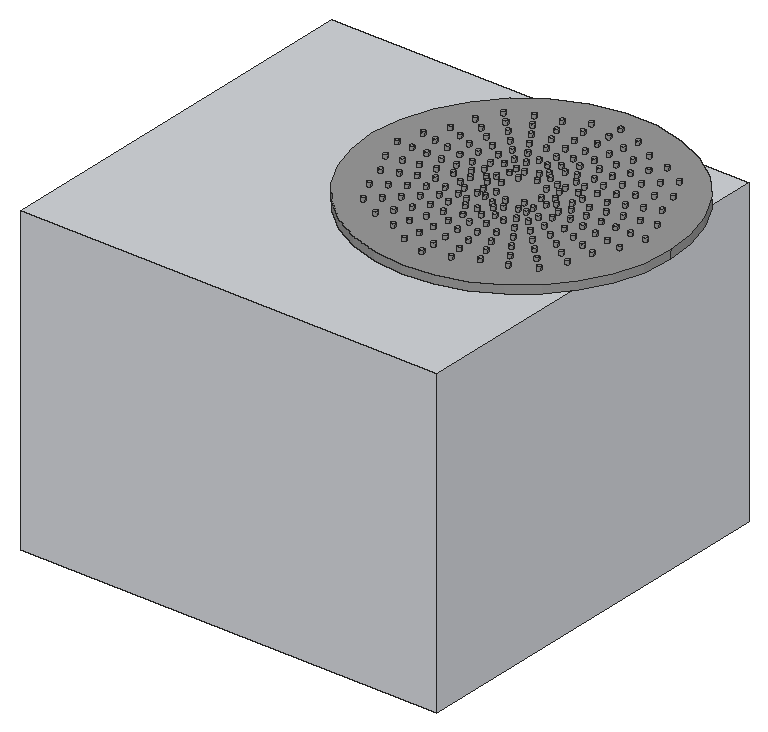
Revit family "IS_Idealrain_Multiproduct_BIM_GB_B9442;B9443", category Plumbing Fixtures, host Face, Revit 2014
Parameters (values of type "B9443AA - Idealrain Round Shower - 300mm")
  WorkingPressure = "3 Bar"
  WaterEfficientProduct = no
  WarrantyStartDate [instance] = "1900-12-31T23:59:59"
  WarrantyGuarantorParts = "Productinfo@thebluebook.co.uk"
  WarrantyGuarantorLabor = "n/a"
  WarrantyDurationUnit = "year"
  WarrantyDurationParts = "5"
  WarrantyDurationLabor = "n/a"
  WarrantyDescription = "Manufacturers Warranty"
  WRAS = yes
  WFU = 0
  VolumeUnits = "Litres"
  Version = "1"
  ValvePattern = "n/a"
  ValveOperation = ""
  ValveMechanism = ""
  Uniclass2015Version = "Product v1.1"
  Uniclass2015Title = "Shower head"
  Uniclass2015Reference = "n/a"
  Uniclass2015Description = "n/a"
  Uniclass2015Code = "Pr_40_20_87_76"
  Uniclass2 = "n/a"
  URL = "www.idealspec.co.uk"
  Type Comments = "n/a"
  TestPressure = "10 Bar"
  TagNumber [instance] = "n/a"
  TMV3 = yes
  SustainabilityPerformance = "n/a"
  SpareParts = "www.fastpart-spares.co.uk"
  Space = "Internal"
  Size = "0 x 300 x 300 mm"
  Shape = "Sculptured"
  SerialNumber [instance] = "n/a"
  Revision = "n/a"
  ReplacementCost = "n/a"
  Reference = "n/a"
  ProductInformation = "www.idealspec.co.uk/assets/datasheet/B9443AA"
  PlasticMtl = ISI_IdealStandard_Brassware_Plastic_Render
  Phone = "01543 490 253"
  NominalWidth = 300 mm
  NominalLength = 300 mm
  NominalHeight = 0 mm
  NettWeight = "1.96Kg"
  Name = "ShowerMixers_IdealRain_A5691AA_IdealStandard"
  NBSTypeID = "n/a"
  NBSReference = "45-35-70/333"
  NBSOfficeMasterTag = "n/a"
  NBSNote = "n/a"
  NBSDescription = "Shower head"
  NBSCertification = "n/a"
  ModelReference = Description  # ""
  ModelNumber = Model  # ""
  Model = "B9443AA"
  MetalMtl = ISI_IdealStandard_Brassware_Chrome_Render
  Material = "Brass"
  ManufacturerURL = "www.idealspec.co.uk"
  Manufacturer = "Productinfo@thebluebook.co.uk"
  LinearUnits = "millimeters"
  InstallationInstructions = "www.idealspec.co.uk/resources.html"
  InstallationDate [instance] = "1900-12-31T23:59:59"
  IfcExportType = "SHOWERS"
  IfcExportAs = "IfcValveType"
  Help = "www.idealspec.co.uk/contact-us.html"
  HWFU = 0
  GrossWeight = "n/a"
  Grade = "n/a"
  FlowRate = "n/a"
  FlowCoefficient = "n/a"
  Finish = "Chrome"
  Features = "round rain shower Ø300mm"
  FaucetType = "n/a"
  FaucetTopDescription = "n/a"
  FaucetOperation = "LEVERHANDLE"
  FaucetFunction = "MIXED"
  ExpectedLife = "30"
  ECA = no
  DurationUnit = "year"
  DistributedBy = "n/a"
  Description = "Idealrain round rain shower Ø300mm"
  Default Elevation = 2100 mm
  CurrencyUnit = "n/a"
  CreatedOn = "2016-11-10"
  Cost = 0
  Constituents = "n/a"
  ConnectionType = "Plumbing"
  Color = "Chrome"
  CodePerformance = "n/a"
  CloseOffRating = "n/a"
  Category = "n/a"
  CWFU = 0
  Brand = "Ideal Standard"
  BarCode = "3800861023906"
  BREEAMApproved = no
  BIMObjectName = "ISI_IdealStandard_ShowerMixers_IdealRain_B9443AA"
  Author = "Ideal Standard (UK) Ltd"
  AssetType = "Fixed"
  AssetIdentifier [instance] = "n/a"
  Assembly Code = "C1030200"
  AreaUnits = "millimeters"
  AreaMeasurement = "n/a"
  Accessories = "www.idealspec.co.uk"
  AccessibilityPerformance = "n/a"
  300mm = yes
  200mm = no
Types (2, lengths in mm): name | Size | ProductInformation | NominalWidth | NominalLength | NettWeight | Model | Features | Description | BarCode | BIMObjectName | 300mm | 200mm
  B9442AA - Idealrain Round Shower - 200mm | "0 x 200 x 200 mm" | "www.idealspec.co.uk/assets/datasheet/B9442AA" | 200 | 200 | "0.96Kg" | "B9442AA" | "round rain shower Ø200mm" | "Idealrain round rain shower Ø200mm" | "3800861023890" | "ISI_IdealStandard_ShowerMixers_IdealRain_B9442AA" | no | yes
  B9443AA - Idealrain Round Shower - 300mm | "0 x 300 x 300 mm" | "www.idealspec.co.uk/assets/datasheet/B9443AA" | 300 | 300 | "1.96Kg" | "B9443AA" | "round rain shower Ø300mm" | "Idealrain round rain shower Ø300mm" | "3800861023906" | "ISI_IdealStandard_ShowerMixers_IdealRain_B9443AA" | yes | no
Reference planes
  plane 1 "Center (Front/Back)": y = 0
  plane 2: z = 0
  plane 3 "Center (Left/Right)": x = 0
  plane 4: z = 59
  plane 5: x = 150
  plane 6: x = 300
  plane 7: y = 150
  plane 8: y = -150
  plane 9: z = 56
  plane 10: z = 48
Forms (mm)
  Extrusion 1, solid
    sketch origin (-2.122, -192.856, 0) x (1, 0, 0) y (0, 1, 0)
      loop
        line (-197.878, 392.856) -> (-197.878, 0.823) -> (220.32, 0.823) -> (220.32, 392.856) -> (-197.878, 392.856)
    from 0 to -304.8
  Revolve 2, solid, material "ISI_IdealStandard_Brassware_Chrome_Render" <- "MetalMtl"
    sketch origin (150, -29.527, 1219.2) x (0, -1, 0) y (0, 0, 1)
      loop
        line (-29.527, -1171.2) -> (-29.527, -1219.2) -> (-19.535, -1219.2) -> (-19.535, -1215.449)
        arc (-19.535, -1215.449) -> (-19.377, -1213.549) -> (-18.909, -1211.7) r 11.533
        arc (-18.909, -1211.7) -> (-18.285, -1208.204) -> (-18.755, -1204.684) r 11.528
        arc (-18.755, -1204.684) -> (-19.001, -1204.331) -> (-19.409, -1204.195) r 0.681
        arc (-19.409, -1204.195) -> (-21.192, -1200.606) -> (-24.396, -1198.2) r 8.682
        line (-24.396, -1198.2) -> (-19.931, -1198.2)
        arc (-19.931, -1198.2) -> (-18.87, -1197.761) -> (-18.431, -1196.7) r 1.5
        line (-18.431, -1196.7) -> (-18.431, -1188.2)
        arc (-18.431, -1188.2) -> (-18.191, -1184.678) -> (-19.077, -1181.261) r 11.026
        line (-19.077, -1181.261) -> (-19.077, -1176.2)
        arc (-19.077, -1176.2) -> (-18.546, -1176.013) -> (-18.249, -1175.534) r 0.847
        arc (-18.249, -1175.534) -> (-17.531, -1173.137) -> (-15.945, -1171.2) r 6.38
        line (-15.945, -1171.2) -> (-29.527, -1171.2)
      axis (-29.527, -1219.2) -> (-29.527, -1171.2)
    angle from 0 to 360
  Extrusion 3, solid, material "ISI_IdealStandard_Brassware_Chrome_Render" <- "MetalMtl", visible <- "200mm"
    sketch origin (0, -4572, 48) x (-1, 0, 0) y (0, -1, 0)
      loop
        circle (-150, -4572) r 100
    from 0 to 8
  Extrusion 4, solid, material "ISI_IdealStandard_Brassware_Plastic_Render" <- "PlasticMtl", visible <- "200mm"
    sketch origin (-6.561, -4572, 56) x (-1, 0, 0) y (0, -1, 0)
      loop
        circle (-156.561, -4582) r 2
      loop
        circle (-156.561, -4592) r 2
      loop
        circle (-156.561, -4602) r 2
      loop
        circle (-156.561, -4612) r 2
      loop
        circle (-156.561, -4622) r 2
      loop
        circle (-156.561, -4632) r 2
      loop
        circle (-156.561, -4642) r 2
      loop
        circle (-156.561, -4657) r 2
      loop
        circle (-170.703, -4586.142) r 2
      loop
        circle (-177.774, -4593.213) r 2
      loop
        circle (-184.845, -4600.284) r 2
      loop
        circle (-191.917, -4607.355) r 2
      loop
        circle (-198.988, -4614.426) r 2
      loop
        circle (-206.059, -4621.497) r 2
      loop
        circle (-216.665, -4632.104) r 2
      loop
        circle (-168.042, -4599.716) r 2
      loop
        circle (-171.869, -4608.955) r 2
      loop
        circle (-175.695, -4618.194) r 2
      loop
        circle (-179.522, -4627.433) r 2
      loop
        circle (-183.349, -4636.672) r 2
      loop
        circle (-189.089, -4650.53) r 2
      loop
        circle (-165.34, -4616.135) r 2
      loop
        circle (-167.291, -4625.943) r 2
      loop
        circle (-169.242, -4635.751) r 2
      loop
        circle (-171.193, -4645.559) r 2
      loop
        circle (-181.562, -4609.416) r 2
      loop
        circle (-187.118, -4617.731) r 2
      loop
        circle (-192.673, -4626.046) r 2
      loop
        circle (-198.229, -4634.36) r 2
      loop
        circle (-193.977, -4597.001) r 2
      loop
        circle (-202.292, -4602.556) r 2
      loop
        circle (-210.607, -4608.112) r 2
      loop
        circle (-218.921, -4613.668) r 2
      loop
        circle (-200.697, -4580.779) r 2
      loop
        circle (-210.504, -4582.73) r 2
      loop
        circle (-220.312, -4584.681) r 2
      loop
        circle (-230.12, -4586.632) r 2
      loop
        circle (-184.278, -4583.481) r 2
      loop
        circle (-193.516, -4587.307) r 2
      loop
        circle (-202.755, -4591.134) r 2
      loop
        circle (-211.994, -4594.961) r 2
      loop
        circle (-221.233, -4598.788) r 2
      loop
        circle (-235.091, -4604.528) r 2
      loop
        circle (-163.632, -4579.071) r 2
      loop
        circle (-176.561, -4572) r 2
      loop
        circle (-186.561, -4572) r 2
      loop
        circle (-196.561, -4572) r 2
      loop
        circle (-206.561, -4572) r 2
      loop
        circle (-216.561, -4572) r 2
      loop
        circle (-226.561, -4572) r 2
      loop
        circle (-241.561, -4572) r 2
      loop
        circle (-166.561, -4572) r 2
      loop
        circle (-170.703, -4557.858) r 2
      loop
        circle (-177.774, -4550.787) r 2
      loop
        circle (-184.845, -4543.716) r 2
      loop
        circle (-191.917, -4536.645) r 2
      loop
        circle (-198.988, -4529.574) r 2
      loop
        circle (-206.059, -4522.503) r 2
      loop
        circle (-216.665, -4511.896) r 2
      loop
        circle (-168.042, -4544.284) r 2
      loop
        circle (-171.869, -4535.045) r 2
      loop
        circle (-175.695, -4525.806) r 2
      loop
        circle (-179.522, -4516.567) r 2
      loop
        circle (-183.349, -4507.328) r 2
      loop
        circle (-189.089, -4493.47) r 2
      loop
        circle (-165.34, -4527.865) r 2
      loop
        circle (-167.291, -4518.057) r 2
      loop
        circle (-169.242, -4508.249) r 2
      loop
        circle (-171.193, -4498.441) r 2
      loop
        circle (-181.562, -4534.584) r 2
      loop
        circle (-187.118, -4526.269) r 2
      loop
        circle (-192.673, -4517.954) r 2
      loop
        circle (-198.229, -4509.64) r 2
      loop
        circle (-193.977, -4546.999) r 2
      loop
        circle (-202.292, -4541.444) r 2
      loop
        circle (-210.607, -4535.888) r 2
      loop
        circle (-218.921, -4530.332) r 2
      loop
        circle (-200.697, -4563.221) r 2
      loop
        circle (-210.504, -4561.27) r 2
      loop
        circle (-220.312, -4559.319) r 2
      loop
        circle (-230.12, -4557.368) r 2
      loop
        circle (-184.278, -4560.519) r 2
      loop
        circle (-193.516, -4556.693) r 2
      loop
        circle (-202.755, -4552.866) r 2
      loop
        circle (-211.994, -4549.039) r 2
      loop
        circle (-221.233, -4545.212) r 2
      loop
        circle (-235.091, -4539.472) r 2
      loop
        circle (-163.632, -4564.929) r 2
      loop
        circle (-142.419, -4586.142) r 2
      loop
        circle (-135.348, -4593.213) r 2
      loop
        circle (-128.277, -4600.284) r 2
      loop
        circle (-121.206, -4607.355) r 2
      loop
        circle (-114.135, -4614.426) r 2
      loop
        circle (-107.064, -4621.497) r 2
      loop
        circle (-96.457, -4632.104) r 2
      loop
        circle (-145.081, -4599.716) r 2
      loop
        circle (-141.254, -4608.955) r 2
      loop
        circle (-137.427, -4618.194) r 2
      loop
        circle (-133.6, -4627.433) r 2
      loop
        circle (-129.773, -4636.672) r 2
      loop
        circle (-124.033, -4650.53) r 2
      loop
        circle (-147.782, -4616.135) r 2
      loop
        circle (-145.831, -4625.943) r 2
      loop
        circle (-143.88, -4635.751) r 2
      loop
        circle (-141.929, -4645.559) r 2
      loop
        circle (-131.561, -4609.416) r 2
      loop
        circle (-126.005, -4617.731) r 2
      loop
        circle (-120.449, -4626.046) r 2
      loop
        circle (-114.893, -4634.36) r 2
      loop
        circle (-119.145, -4597.001) r 2
      loop
        circle (-110.83, -4602.556) r 2
      loop
        circle (-102.516, -4608.112) r 2
      loop
        circle (-94.201, -4613.668) r 2
      loop
        circle (-112.426, -4580.779) r 2
      loop
        circle (-102.618, -4582.73) r 2
      loop
        circle (-92.81, -4584.681) r 2
      loop
        circle (-83.002, -4586.632) r 2
      loop
        circle (-128.845, -4583.481) r 2
      loop
        circle (-119.606, -4587.307) r 2
      loop
        circle (-110.367, -4591.134) r 2
      loop
        circle (-101.128, -4594.961) r 2
      loop
        circle (-91.89, -4598.788) r 2
      loop
        circle (-78.031, -4604.528) r 2
      loop
        circle (-149.49, -4579.071) r 2
      loop
        circle (-136.561, -4572) r 2
      loop
        circle (-126.561, -4572) r 2
      loop
        circle (-116.561, -4572) r 2
      loop
        circle (-106.561, -4572) r 2
      loop
        circle (-96.561, -4572) r 2
      loop
        circle (-86.561, -4572) r 2
      loop
        circle (-21.561, -4572) r 2
      loop
        circle (-146.561, -4572) r 2
      loop
        circle (-142.419, -4557.858) r 2
      loop
        circle (-135.348, -4550.787) r 2
      loop
        circle (-128.277, -4543.716) r 2
      loop
        circle (-121.206, -4536.645) r 2
      loop
        circle (-114.135, -4529.574) r 2
      loop
        circle (-107.064, -4522.503) r 2
      loop
        circle (-96.457, -4511.896) r 2
      loop
        circle (-145.081, -4544.284) r 2
      loop
        circle (-141.254, -4535.045) r 2
      loop
        circle (-137.427, -4525.806) r 2
      loop
        circle (-133.6, -4516.567) r 2
      loop
        circle (-129.773, -4507.328) r 2
      loop
        circle (-124.033, -4493.47) r 2
      loop
        circle (-147.782, -4527.865) r 2
      loop
        circle (-145.831, -4518.057) r 2
      loop
        circle (-143.88, -4508.249) r 2
      loop
        circle (-141.929, -4498.441) r 2
      loop
        circle (-131.561, -4534.584) r 2
      loop
        circle (-126.005, -4526.269) r 2
      loop
        circle (-120.449, -4517.954) r 2
      loop
        circle (-114.893, -4509.64) r 2
      loop
        circle (-119.145, -4546.999) r 2
      loop
        circle (-110.83, -4541.444) r 2
      loop
        circle (-102.516, -4535.888) r 2
      loop
        circle (-94.201, -4530.332) r 2
      loop
        circle (-112.426, -4563.221) r 2
      loop
        circle (-102.618, -4561.27) r 2
      loop
        circle (-92.81, -4559.319) r 2
      loop
        circle (-83.002, -4557.368) r 2
      loop
        circle (-128.845, -4560.519) r 2
      loop
        circle (-119.606, -4556.693) r 2
      loop
        circle (-110.367, -4552.866) r 2
      loop
        circle (-101.128, -4549.039) r 2
      loop
        circle (-91.89, -4545.212) r 2
      loop
        circle (-78.031, -4539.472) r 2
      loop
        circle (-149.49, -4564.929) r 2
      loop
        circle (-156.561, -4552) r 2
      loop
        circle (-156.561, -4542) r 2
      loop
        circle (-156.561, -4532) r 2
      loop
        circle (-156.561, -4522) r 2
      loop
        circle (-156.561, -4512) r 2
      loop
        circle (-156.561, -4502) r 2
      loop
        circle (-156.561, -4437) r 2
      loop
        circle (-156.561, -4562) r 2
    from 0 to 3
  Extrusion 5, solid, material "ISI_IdealStandard_Brassware_Chrome_Render" <- "MetalMtl", visible <- "300mm"
    sketch origin (0, -4572, 48) x (-1, 0, 0) y (0, -1, 0)
      loop
        circle (-150, -4572) r 150
    from 0 to 8
  Extrusion 6, solid, material "ISI_IdealStandard_Brassware_Plastic_Render" <- "PlasticMtl", visible <- "300mm"
    sketch origin (-6.561, -4572, 56) x (-1, 0, 0) y (0, -1, 0)
      loop
        circle (-156.561, -4592) r 2
      loop
        circle (-156.561, -4607) r 2
      loop
        circle (-156.561, -4622) r 2
      loop
        circle (-156.561, -4637) r 2
      loop
        circle (-156.561, -4652) r 2
      loop
        circle (-156.561, -4667) r 2
      loop
        circle (-156.561, -4682) r 2
      loop
        circle (-156.561, -4697) r 2
      loop
        circle (-162.414, -4601.424) r 2
      loop
        circle (-165.34, -4616.135) r 2
      loop
        circle (-168.267, -4630.847) r 2
      loop
        circle (-171.193, -4645.559) r 2
      loop
        circle (-174.119, -4660.271) r 2
      loop
        circle (-177.046, -4674.982) r 2
      loop
        circle (-179.972, -4689.694) r 2
      loop
        circle (-176.561, -4572) r 2
      loop
        circle (-191.561, -4572) r 2
      loop
        circle (-206.561, -4572) r 2
      loop
        circle (-221.561, -4572) r 2
      loop
        circle (-236.561, -4572) r 2
      loop
        circle (-251.561, -4572) r 2
      loop
        circle (-266.561, -4572) r 2
      loop
        circle (-281.561, -4572) r 2
      loop
        circle (-170.703, -4586.142) r 2
      loop
        circle (-181.31, -4596.749) r 2
      loop
        circle (-191.917, -4607.355) r 2
      loop
        circle (-202.523, -4617.962) r 2
      loop
        circle (-213.13, -4628.569) r 2
      loop
        circle (-223.736, -4639.175) r 2
      loop
        circle (-234.343, -4649.782) r 2
      loop
        circle (-244.95, -4660.388) r 2
      loop
        circle (-173.228, -4596.944) r 2
      loop
        circle (-181.562, -4609.416) r 2
      loop
        circle (-189.895, -4621.888) r 2
      loop
        circle (-198.229, -4634.36) r 2
      loop
        circle (-206.563, -4646.832) r 2
      loop
        circle (-214.896, -4659.304) r 2
      loop
        circle (-223.23, -4671.776) r 2
      loop
        circle (-181.505, -4588.667) r 2
      loop
        circle (-193.977, -4597.001) r 2
      loop
        circle (-206.449, -4605.334) r 2
      loop
        circle (-218.921, -4613.668) r 2
      loop
        circle (-231.393, -4622.001) r 2
      loop
        circle (-243.866, -4630.335) r 2
      loop
        circle (-256.338, -4638.668) r 2
      loop
        circle (-185.985, -4577.853) r 2
      loop
        circle (-200.697, -4580.779) r 2
      loop
        circle (-215.408, -4583.705) r 2
      loop
        circle (-230.12, -4586.632) r 2
      loop
        circle (-244.832, -4589.558) r 2
      loop
        circle (-259.544, -4592.484) r 2
      loop
        circle (-274.255, -4595.411) r 2
      loop
        circle (-200.57, -4678.246) r 2
      loop
        circle (-194.83, -4664.388) r 2
      loop
        circle (-189.089, -4650.53) r 2
      loop
        circle (-183.349, -4636.672) r 2
      loop
        circle (-175.695, -4618.194) r 2
      loop
        circle (-262.807, -4616.009) r 2
      loop
        circle (-248.949, -4610.268) r 2
      loop
        circle (-235.091, -4604.528) r 2
      loop
        circle (-221.233, -4598.788) r 2
      loop
        circle (-202.755, -4591.134) r 2
      loop
        circle (-162.414, -4542.576) r 2
      loop
        circle (-165.34, -4527.865) r 2
      loop
        circle (-168.267, -4513.153) r 2
      loop
        circle (-171.193, -4498.441) r 2
      loop
        circle (-174.119, -4483.729) r 2
      loop
        circle (-177.046, -4469.018) r 2
      loop
        circle (-179.972, -4454.306) r 2
      loop
        circle (-170.703, -4557.858) r 2
      loop
        circle (-181.31, -4547.251) r 2
      loop
        circle (-191.917, -4536.645) r 2
      loop
        circle (-202.523, -4526.038) r 2
      loop
        circle (-213.13, -4515.431) r 2
      loop
        circle (-223.736, -4504.825) r 2
      loop
        circle (-234.343, -4494.218) r 2
      loop
        circle (-244.95, -4483.612) r 2
      loop
        circle (-173.228, -4547.056) r 2
      loop
        circle (-181.562, -4534.584) r 2
      loop
        circle (-189.895, -4522.112) r 2
      loop
        circle (-198.229, -4509.64) r 2
      loop
        circle (-206.563, -4497.168) r 2
      loop
        circle (-214.896, -4484.696) r 2
      loop
        circle (-223.23, -4472.224) r 2
      loop
        circle (-181.505, -4555.333) r 2
      loop
        circle (-193.977, -4546.999) r 2
      loop
        circle (-206.449, -4538.666) r 2
      loop
        circle (-218.921, -4530.332) r 2
      loop
        circle (-231.393, -4521.999) r 2
      loop
        circle (-243.866, -4513.665) r 2
      loop
        circle (-256.338, -4505.332) r 2
      loop
        circle (-185.985, -4566.147) r 2
      loop
        circle (-200.697, -4563.221) r 2
      loop
        circle (-215.408, -4560.295) r 2
      loop
        circle (-230.12, -4557.368) r 2
      loop
        circle (-244.832, -4554.442) r 2
      loop
        circle (-259.544, -4551.516) r 2
      loop
        circle (-274.255, -4548.589) r 2
      loop
        circle (-200.57, -4465.754) r 2
      loop
        circle (-194.83, -4479.612) r 2
      loop
        circle (-189.089, -4493.47) r 2
      loop
        circle (-183.349, -4507.328) r 2
      loop
        circle (-175.695, -4525.806) r 2
      loop
        circle (-262.807, -4527.991) r 2
      loop
        circle (-248.949, -4533.732) r 2
      loop
        circle (-235.091, -4539.472) r 2
      loop
        circle (-221.233, -4545.212) r 2
      loop
        circle (-202.755, -4552.866) r 2
      loop
        circle (-150.709, -4601.424) r 2
      loop
        circle (-147.782, -4616.135) r 2
      loop
        circle (-144.856, -4630.847) r 2
      loop
        circle (-141.929, -4645.559) r 2
      loop
        circle (-139.003, -4660.271) r 2
      loop
        circle (-136.077, -4674.982) r 2
      loop
        circle (-133.15, -4689.694) r 2
      loop
        circle (-136.561, -4572) r 2
      loop
        circle (-121.561, -4572) r 2
      loop
        circle (-106.561, -4572) r 2
      loop
        circle (-91.561, -4572) r 2
      loop
        circle (-76.561, -4572) r 2
      loop
        circle (-61.561, -4572) r 2
      loop
        circle (-46.561, -4572) r 2
      loop
        circle (-31.561, -4572) r 2
      loop
        circle (-142.419, -4586.142) r 2
      loop
        circle (-131.812, -4596.749) r 2
      loop
        circle (-121.206, -4607.355) r 2
      loop
        circle (-110.599, -4617.962) r 2
      loop
        circle (-99.993, -4628.569) r 2
      loop
        circle (-89.386, -4639.175) r 2
      loop
        circle (-78.779, -4649.782) r 2
      loop
        circle (-68.173, -4660.388) r 2
      loop
        circle (-139.894, -4596.944) r 2
      loop
        circle (-131.561, -4609.416) r 2
      loop
        circle (-123.227, -4621.888) r 2
      loop
        circle (-114.893, -4634.36) r 2
      loop
        circle (-106.56, -4646.832) r 2
      loop
        circle (-98.226, -4659.304) r 2
      loop
        circle (-89.893, -4671.776) r 2
      loop
        circle (-131.617, -4588.667) r 2
      loop
        circle (-119.145, -4597.001) r 2
      loop
        circle (-106.673, -4605.334) r 2
      loop
        circle (-94.201, -4613.668) r 2
      loop
        circle (-81.729, -4622.001) r 2
      loop
        circle (-69.257, -4630.335) r 2
      loop
        circle (-56.785, -4638.668) r 2
      loop
        circle (-127.138, -4577.853) r 2
      loop
        circle (-112.426, -4580.779) r 2
      loop
        circle (-97.714, -4583.705) r 2
      loop
        circle (-83.002, -4586.632) r 2
      loop
        circle (-68.291, -4589.558) r 2
      loop
        circle (-53.579, -4592.484) r 2
      loop
        circle (-38.867, -4595.411) r 2
      loop
        circle (-112.553, -4678.246) r 2
      loop
        circle (-118.293, -4664.388) r 2
      loop
        circle (-124.033, -4650.53) r 2
      loop
        circle (-129.773, -4636.672) r 2
      loop
        circle (-137.427, -4618.194) r 2
      loop
        circle (-50.315, -4616.009) r 2
      loop
        circle (-64.173, -4610.268) r 2
      loop
        circle (-78.031, -4604.528) r 2
      loop
        circle (-91.89, -4598.788) r 2
      loop
        circle (-110.367, -4591.134) r 2
      loop
        circle (-150.709, -4542.576) r 2
      loop
        circle (-147.782, -4527.865) r 2
      loop
        circle (-144.856, -4513.153) r 2
      loop
        circle (-141.929, -4498.441) r 2
      loop
        circle (-139.003, -4483.729) r 2
      loop
        circle (-136.077, -4469.018) r 2
      loop
        circle (-133.15, -4454.306) r 2
      loop
        circle (-142.419, -4557.858) r 2
      loop
        circle (-131.812, -4547.251) r 2
      loop
        circle (-121.206, -4536.645) r 2
      loop
        circle (-110.599, -4526.038) r 2
      loop
        circle (-99.993, -4515.431) r 2
      loop
        circle (-89.386, -4504.825) r 2
      loop
        circle (-78.779, -4494.218) r 2
      loop
        circle (-68.173, -4483.612) r 2
      loop
        circle (-139.894, -4547.056) r 2
      loop
        circle (-131.561, -4534.584) r 2
      loop
        circle (-123.227, -4522.112) r 2
      loop
        circle (-114.893, -4509.64) r 2
      loop
        circle (-106.56, -4497.168) r 2
      loop
        circle (-98.226, -4484.696) r 2
      loop
        circle (-89.893, -4472.224) r 2
      loop
        circle (-131.617, -4555.333) r 2
      loop
        circle (-119.145, -4546.999) r 2
      loop
        circle (-106.673, -4538.666) r 2
      loop
        circle (-94.201, -4530.332) r 2
      loop
        circle (-81.729, -4521.999) r 2
      loop
        circle (-69.257, -4513.665) r 2
      loop
        circle (-56.785, -4505.332) r 2
      loop
        circle (-127.138, -4566.147) r 2
      loop
        circle (-112.426, -4563.221) r 2
      loop
        circle (-97.714, -4560.295) r 2
      loop
        circle (-83.002, -4557.368) r 2
      loop
        circle (-68.291, -4554.442) r 2
      loop
        circle (-53.579, -4551.516) r 2
      loop
        circle (-38.867, -4548.589) r 2
      loop
        circle (-112.553, -4465.754) r 2
      loop
        circle (-118.293, -4479.612) r 2
      loop
        circle (-124.033, -4493.47) r 2
      loop
        circle (-129.773, -4507.328) r 2
      loop
        circle (-137.427, -4525.806) r 2
      loop
        circle (-50.315, -4527.991) r 2
      loop
        circle (-64.173, -4533.732) r 2
      loop
        circle (-78.031, -4539.472) r 2
      loop
        circle (-91.89, -4545.212) r 2
      loop
        circle (-110.367, -4552.866) r 2
      loop
        circle (-156.561, -4552) r 2
      loop
        circle (-156.561, -4537) r 2
      loop
        circle (-156.561, -4522) r 2
      loop
        circle (-156.561, -4507) r 2
      loop
        circle (-156.561, -4492) r 2
      loop
        circle (-156.561, -4477) r 2
      loop
        circle (-156.561, -4462) r 2
      loop
        circle (-156.561, -4447) r 2
    from 0 to 3
Dimensions and locks
  locked: plane 4 to level at 59
  "NominalLength": plane 3 "Center (Left/Right)" to plane 6
  equal spacing: plane 3 "Center (Left/Right)", plane 5, plane 6
  locked: plane 10 to level at 48
  "NominalWidth": plane 7 to plane 8
  equal spacing: plane 7, plane 1 "Center (Front/Back)", plane 8
  aligned and locked: plane 2 to Extrusion 1
  aligned and locked: level to Extrusion 1
  aligned and locked: plane 1 "Center (Front/Back)" to Revolve 2 sketch curve
  aligned and locked: Extrusion 1 to Revolve 2 sketch curve
  aligned and locked: plane 10 to Revolve 2 sketch curve
  aligned and locked: plane 10 to Extrusion 3
  aligned and locked: Extrusion 3 to plane 9
  aligned and locked: Extrusion 4 to plane 9
  aligned and locked: plane 4 to Extrusion 4
  aligned and locked: plane 9 to Extrusion 5  (x2)
  aligned and locked: Extrusion 5 to plane 10  (x2)
  aligned and locked: Extrusion 6 to plane 9
  aligned and locked: plane 4 to Extrusion 6
Automatic sketch dimensions
  Extrusion 1 sketch curve to Extrusion 1 sketch curve = 418.198 mm
  Extrusion 1 sketch curve to Extrusion 1 sketch curve = 392.033 mm
  Revolve 2 sketch curve to level = 0 mm
  Revolve 2 sketch curve to plane 1 "Center (Front/Back)" = 0 mm
  Revolve 2 sketch curve to plane 10 = 0 mm
  Revolve 2 sketch curve to plane 1 "Center (Front/Back)" = 0.283 mm
  plane 1 "Center (Front/Back)" to Revolve 2 sketch curve = 0.356 mm
  plane 1 "Center (Front/Back)" to Revolve 2 sketch curve = 1.661 mm
  plane 1 "Center (Front/Back)" to Revolve 2 sketch curve = 5.13 mm
  Revolve 2 sketch curve to Revolve 2 sketch curve = 4.465 mm
  Revolve 2 sketch curve to Revolve 2 sketch curve = 9.992 mm
  Revolve 2 sketch curve to Revolve 2 sketch curve = 0.522 mm
  plane 1 "Center (Front/Back)" to Revolve 2 sketch curve = 10.45 mm
  Revolve 2 sketch curve to Revolve 2 sketch curve = 1.5 mm
  Revolve 2 sketch curve to Revolve 2 sketch curve = 3.132 mm
  Revolve 2 sketch curve to plane 10 = 4.931 mm
  level to Revolve 2 sketch curve = 3.751 mm
  Revolve 2 sketch curve to Revolve 2 sketch curve = 11.533 mm
  level to Revolve 2 sketch curve = 11.248 mm
  Revolve 2 sketch curve to Revolve 2 sketch curve = 1.793 mm
  Revolve 2 sketch curve to Revolve 2 sketch curve = 6.823 mm
  Revolve 2 sketch curve to Revolve 2 sketch curve = 6.677 mm
  Revolve 2 sketch curve to Revolve 2 sketch curve = 8.5 mm
  Revolve 2 sketch curve to Revolve 2 sketch curve = 2.5 mm
  Revolve 2 sketch curve to Revolve 2 sketch curve = 0 mm
  Revolve 2 sketch curve to Revolve 2 sketch curve = 0.828 mm
  Revolve 2 sketch curve to Revolve 2 sketch curve = 6.352 mm
  Revolve 2 sketch curve to Revolve 2 sketch curve = 0.666 mm
  plane 1 "Center (Front/Back)" to Extrusion 3 sketch curve = 0 mm
  Extrusion 3 sketch curve to plane 5 = 0 mm
  plane 1 "Center (Front/Back)" to Extrusion 5 sketch curve = 0 mm
  Extrusion 5 sketch curve to plane 5 = 0 mm
  plane 1 "Center (Front/Back)" to Extrusion 6 sketch curve = 0 mm  (x16)
  Extrusion 6 sketch curve to plane 5 = 0 mm  (x16)
  Extrusion 6 sketch curve to plane 5 = 5.853 mm  (x2)
  Extrusion 6 sketch curve to plane 5 = 8.779 mm  (x2)
  Extrusion 6 sketch curve to plane 5 = 11.705 mm  (x2)
  Extrusion 6 sketch curve to plane 5 = 14.142 mm  (x2)
  Extrusion 6 sketch curve to plane 5 = 14.632 mm  (x2)
  Extrusion 6 sketch curve to Extrusion 6 sketch curve = 2.525 mm  (x8)
  Extrusion 6 sketch curve to Extrusion 6 sketch curve = 2.926 mm  (x24)
  Extrusion 6 sketch curve to Extrusion 6 sketch curve = 10.355 mm  (x16)
  Extrusion 6 sketch curve to Extrusion 6 sketch curve = 5.858 mm  (x4)
  Extrusion 6 sketch curve to Extrusion 6 sketch curve = 8.082 mm  (x8)
  Extrusion 6 sketch curve to Extrusion 6 sketch curve = 0.195 mm  (x8)
  Extrusion 6 sketch curve to Extrusion 6 sketch curve = 5.866 mm  (x8)
  Extrusion 6 sketch curve to Extrusion 6 sketch curve = 12.156 mm  (x8)
  Extrusion 6 sketch curve to Extrusion 6 sketch curve = 9.424 mm  (x8)
  Extrusion 6 sketch curve to Extrusion 6 sketch curve = 5.74 mm  (x24)
  Extrusion 6 sketch curve to Extrusion 6 sketch curve = 14.2 mm  (x8)
  Extrusion 6 sketch curve to Extrusion 6 sketch curve = 5.576 mm  (x4)
  Extrusion 6 sketch curve to Extrusion 6 sketch curve = 2.061 mm  (x8)
  Extrusion 6 sketch curve to Extrusion 6 sketch curve = 8.334 mm  (x32)
  Extrusion 6 sketch curve to Extrusion 6 sketch curve = 9.135 mm  (x8)
  Extrusion 6 sketch curve to Extrusion 6 sketch curve = 12.628 mm  (x8)
  Extrusion 6 sketch curve to Extrusion 6 sketch curve = 2.059 mm  (x7)
  Extrusion 6 sketch curve to Extrusion 6 sketch curve = 8.778 mm
  Extrusion 6 sketch curve to Extrusion 6 sketch curve = 3.926 mm  (x8)
  Extrusion 6 sketch curve to Extrusion 6 sketch curve = 5.865 mm  (x4)
  Extrusion 6 sketch curve to Extrusion 6 sketch curve = 10.607 mm  (x32)
  Extrusion 6 sketch curve to Extrusion 6 sketch curve = 12.653 mm  (x8)
  Extrusion 6 sketch curve to Extrusion 6 sketch curve = 12.472 mm  (x32)
  Extrusion 6 sketch curve to Extrusion 6 sketch curve = 2.311 mm  (x8)
  Extrusion 6 sketch curve to Extrusion 6 sketch curve = 6.153 mm  (x4)
  Extrusion 6 sketch curve to Extrusion 6 sketch curve = 14.712 mm  (x32)
  Extrusion 6 sketch curve to Extrusion 6 sketch curve = 13.858 mm  (x24)
  Extrusion 6 sketch curve to Extrusion 6 sketch curve = 15 mm  (x16)
  plane 5 to Extrusion 6 sketch curve = 5.853 mm  (x2)
  plane 5 to Extrusion 6 sketch curve = 8.779 mm  (x2)
  plane 5 to Extrusion 6 sketch curve = 11.705 mm  (x2)
  plane 5 to Extrusion 6 sketch curve = 14.142 mm  (x2)
  plane 5 to Extrusion 6 sketch curve = 14.632 mm  (x2)
  Extrusion 6 sketch curve to plane 1 "Center (Front/Back)" = 5.853 mm  (x2)
  Extrusion 6 sketch curve to plane 1 "Center (Front/Back)" = 8.779 mm  (x2)
  Extrusion 6 sketch curve to plane 1 "Center (Front/Back)" = 11.705 mm  (x2)
  Extrusion 6 sketch curve to plane 1 "Center (Front/Back)" = 14.142 mm  (x2)
  Extrusion 6 sketch curve to plane 1 "Center (Front/Back)" = 14.632 mm  (x2)
  plane 1 "Center (Front/Back)" to Extrusion 6 sketch curve = 5.853 mm  (x2)
  plane 1 "Center (Front/Back)" to Extrusion 6 sketch curve = 8.779 mm  (x2)
  plane 1 "Center (Front/Back)" to Extrusion 6 sketch curve = 11.705 mm  (x2)
  plane 1 "Center (Front/Back)" to Extrusion 6 sketch curve = 14.142 mm  (x2)
  plane 1 "Center (Front/Back)" to Extrusion 6 sketch curve = 14.632 mm  (x2)
  plane 1 "Center (Front/Back)" to Extrusion 4 sketch curve = 0 mm  (x16)
  Extrusion 4 sketch curve to plane 5 = 0 mm  (x16)
  Extrusion 4 sketch curve to plane 5 = 7.071 mm  (x2)
  Extrusion 4 sketch curve to plane 5 = 8.779 mm  (x2)
  Extrusion 4 sketch curve to Extrusion 4 sketch curve = 2.929 mm  (x4)
  Extrusion 4 sketch curve to Extrusion 4 sketch curve = 1.951 mm  (x24)
  Extrusion 4 sketch curve to plane 5 = 11.481 mm  (x2)
  Extrusion 4 sketch curve to Extrusion 4 sketch curve = 7.071 mm  (x40)
  Extrusion 4 sketch curve to Extrusion 4 sketch curve = 6.528 mm  (x8)
  Extrusion 4 sketch curve to Extrusion 4 sketch curve = 3.827 mm  (x24)
  Extrusion 4 sketch curve to Extrusion 4 sketch curve = 10 mm  (x24)
  Extrusion 4 sketch curve to Extrusion 4 sketch curve = 9.693 mm  (x8)
  Extrusion 4 sketch curve to Extrusion 4 sketch curve = 6.503 mm  (x8)
  Extrusion 4 sketch curve to Extrusion 4 sketch curve = 3.284 mm  (x8)
  Extrusion 4 sketch curve to Extrusion 4 sketch curve = 5.556 mm  (x24)
  Extrusion 4 sketch curve to Extrusion 4 sketch curve = 5.74 mm  (x8)
  Extrusion 4 sketch curve to Extrusion 4 sketch curve = 9.239 mm  (x32)
  Extrusion 4 sketch curve to Extrusion 4 sketch curve = 0.461 mm  (x8)
  Extrusion 4 sketch curve to Extrusion 4 sketch curve = 7.18 mm  (x8)
  Extrusion 4 sketch curve to Extrusion 4 sketch curve = 8.315 mm  (x24)
  Extrusion 4 sketch curve to Extrusion 4 sketch curve = 9.808 mm  (x24)
  Extrusion 4 sketch curve to Extrusion 4 sketch curve = 10.607 mm  (x8)
  Extrusion 4 sketch curve to Extrusion 4 sketch curve = 13.858 mm  (x8)
  Extrusion 4 sketch curve to Extrusion 4 sketch curve = 15 mm  (x2)
  plane 5 to Extrusion 4 sketch curve = 7.071 mm  (x2)
  plane 5 to Extrusion 4 sketch curve = 8.779 mm  (x2)
  plane 5 to Extrusion 4 sketch curve = 11.481 mm  (x2)
  plane 3 "Center (Left/Right)" to Extrusion 4 sketch curve = 15 mm
  Extrusion 4 sketch curve to plane 1 "Center (Front/Back)" = 7.071 mm  (x2)
  Extrusion 4 sketch curve to plane 1 "Center (Front/Back)" = 8.779 mm  (x2)
  Extrusion 4 sketch curve to plane 1 "Center (Front/Back)" = 11.481 mm  (x2)
  plane 1 "Center (Front/Back)" to Extrusion 4 sketch curve = 7.071 mm  (x2)
  plane 1 "Center (Front/Back)" to Extrusion 4 sketch curve = 8.779 mm  (x2)
  plane 1 "Center (Front/Back)" to Extrusion 4 sketch curve = 11.481 mm  (x2)
  plane 8 to Extrusion 4 sketch curve = 15 mm
  radius of Extrusion 3 sketch curve = 100 mm
  radius of Extrusion 5 sketch curve = 150 mm
  radius of Extrusion 6 sketch curve = 2 mm  (x216)
  radius of Extrusion 4 sketch curve = 2 mm  (x176)
